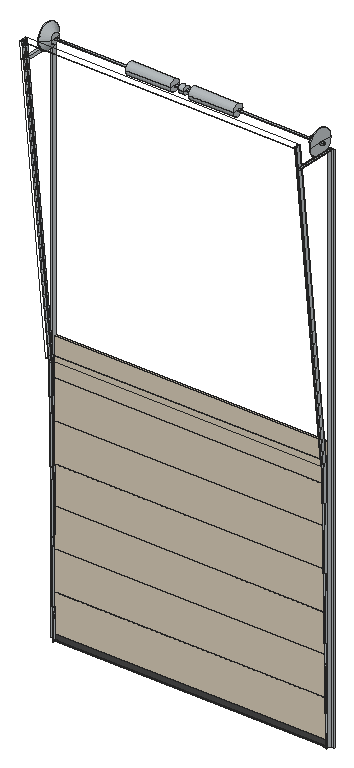
Revit family "Door_Sectional_Clopay_Insulated-VerticalTrack", category Doors, host Wall, Revit 2026
Family settings
  Host = Wall
  Classification Number = 23.30.10.17.37.14
  Always vertical = Yes
  Cut with Voids When Loaded = No
  Shared = No
  Room Calculation Point = No
Parameters (values of type "ByType")
  intDepth [instance] = (Height + 1' 6") * -1  # -13' - 6"
  Wind Load = ""
  Water Penetration = ""
  Track Offset = 0' - 1"
  Track Material [instance] = Metal - Steel - Clopay - Galvanized
  TorsionWidth = Width + 0' 7"  # 12' - 7"
  Torsion Spring Height above Head [instance] = if(Breakaway Track, 0' 6", 1' 6")  # 0' - 6"
  Sound Transmission Class (STC) = 0
  Revision = "R1_09-2011"
  Rad [instance] = Thickness / 2  # 0' - 0 11/16"
  RO Offset = 0' - 0"
  Pass Door = no
  Panel Type_9 [instance] = Door Panel : Standard
  Panel Type_8 [instance] = Door Panel : Standard
  Panel Type_7 [instance] = Door Panel : Standard
  Panel Type_6 [instance] = Door Panel : Standard
  Panel Type_5 [instance] = Door Panel : Standard
  Panel Type_4 [instance] = Door Panel : Standard
  Panel Type_3 [instance] = Door Panel : Standard
  Panel Type_2 [instance] = Door Panel : Standard
  Panel Type_11 [instance] = Door Panel : Standard
  Panel Type_10 [instance] = Door Panel : Standard
  Panel Type_1 [instance] = Door Panel : Standard
  Panel Height = Height / NumPanels  # 1' - 8.57143"
  P9 = NumPanels > 8  # no
  P8 = NumPanels > 7  # no
  P7 = NumPanels > 6  # yes
  P6 = NumPanels > 5  # yes
  P5 = NumPanels > 4  # yes
  P4 = NumPanels > 3  # yes
  P11 = NumPanels > 10  # no
  P10 = NumPanels > 9  # no
  Operator_Jackshaft Right [instance] = no
  Operator_Jackshaft Left [instance] = no
  Opening Width = 12' - 0"
  Opening Height = 12' - 0"
  NumPanels_Standard = if(Height < 6' 3", 3, if(Height < 8' 3", 4, if(Height < 10' 3", 5, if(Height < 12' 3", 6, if(Height < 14' 3", 7, if(Height < 16' 3", 8, if(Height < 18' 3", 9, 10)))))))  # 6
  NumPanels_3211 = if(Height < 4' 6", 2, if(Height < 6' 0", 3, if(Height < 7' 6", 4, if(Height < 9' 0", 5, if(Height < 10' 9", 6, if(Height < 12' 6", 7, if(Height < 14' 3", 8, if(Height < 16' 0", 9, if(Height > 17' 9", 10, 11)))))))))  # 7
  NumPanels = if([3211 Spacing], NumPanels_3211, NumPanels_Standard)  # 7
  Maximum Size = "Consult Clopay Specifications & Shop Drawings"
  Lock Right [instance] = no
  Lock Left [instance] = no
  Jackshaft Offset [instance] = 0' - 5"
  Hardware Finish = Metal - Steel - Clopay - Galvanized
  Function = Interior
  Frame Finish = Metal - Steel - Clopay - Stucco Emboss - Tan
  Double Torsion Shaft [instance] = no
  Door Width = Opening Width + (Track Offset * 2)  # 12' - 2"
  Door Height = Opening Height  # 12' - 0"
  Door Glazing = Glass - Insulated - Clopay - Clear Tempered
  DblWidth = TorsionWidth + 1' 0"  # 13' - 7"
  Building Code Conformance = ""
  Breakaway Track [instance] = yes
  Breakaway Bottom Section = no
  Bottom Astragal Material [instance] = Rubber - Clopay - Black
  Bottom Astragal Height [instance] = 0' - 3 1/2"
  Air Infiltration = ""
  ASTM Conformance = ""
  Panel Width [instance] = Width + (Track Offset * 2)  # 12' - 2"
  Panel Material = Metal - Steel - Clopay - Stucco Emboss - Tan
  Manufacturer Phone = "513-770-4800 "
  Warranty Duration (Years) = 0
  URL = "http://www.clopaydoor.com/"
  Thickness = 0' - 1 3/8"
  Test Data = ""
  Specification = "http://www.arcat.com/sd/clients/clopay.html?coid=31487"
  SpecWizard = "http://www.arcat.com/specwizard/clients/clopay.html?coid=31487"
  Send Message = "http://www.clopaydoor.com/"
  Sales Information = "http://www.clopaydoor.com/contact-us.aspx"
  Rough Width = (Width + (RO Offset * 2))  # 12' - 0"
  Rough Height = (Height + (RO Offset))  # 12' - 0"
  R_Value = 0
  Product Properties = ""
  Product Data = "http://www.arcat.com/arcatcos/cos31/arc31487.html?isac=1&r=1"
  Manufacturer Website = "http://www.arcat.com/users.pl?action=UserEmail&company=Clopay%20Building%20Products%20Company&coid=31487&rep=114&fax=513-770-3519&mf="
  Manufacturer Phone - Toll Free = "800-526-4301 "
  Manufacturer Fax = "513-770-3519"
  Manufacturer Address = "8585 Duke Blvd. Mason, OH 45040-3101"
  Maintenance Schedule (Months) = 0
  Installation-Fabrication = ""
  Installation Phase = ""
  Green Building-LEED = "http://www.arcat.com/green/clients/leed_data_31487.html"
  Model = "As Specified"
  Manufacturer = "Clopay Building Products Company"
  Keynote = "08360"
  Height = Opening Height  # 12' - 0"
  Wall Closure = By host
  Width = Opening Width  # 12' - 0"
  Fire Rating = ""
  Expected Lifespan (Years) = 0
  Drawn By = "Sumex Design, Inc. / Robert S. Weygant, CSI, CDT, SCIP"
  Description = "Clopay Overhead Door as Specified"
  Copyright = "©Arcat Inc."
  Construction Details = "http://www.arcat.com/details/clopay/clopay.html?coid=31487"
  Building Codes = ""
  Assembly Code = "B2030410"
  ADA Compliant = yes
  AAMA Designation = ""
  3211 Spacing = yes
  3" Track [instance] = no
Reference planes (in)
  plane 1 "Center (Front/Back)": y = -34.08725
  plane 2 "Center (Left/Right)": x = 64.28704
  plane 3: z = 0
  plane 4 "Right": x = 136.28704
  plane 5 "Left": x = -7.71296
  plane 6: z = 0
  plane 7 "Top of Frame": z = 144
  plane 8 "RO Top": z = 144
  plane 9 "RO Right": x = 136.28704
  plane 10 "RO Left": x = -7.71296
  plane 11 "Exterior Wall Face": y = -31.08725
  plane 12 "Interior Wall Face": y = -37.08725
  plane 13: x = -8.71296
  plane 14: x = 137.28704
  plane 15: z = 24.07143
  plane 16: z = 44.64286
  plane 17: z = 65.21429
  plane 18: z = 85.78571
  plane 19: z = 106.35714
  plane 20: z = 126.92857
  plane 21: z = 147.5
  plane 22: y = -37.58725
  plane 23: z = 3.5
  plane 24: y = -38.96225
  plane 25: z = 288
  plane 26: z = 168.07143
  plane 27: z = 188.64286
  plane 28: x = 80.28704
  plane 29: x = 48.28704
  plane 30: z = 80
  plane 31: z = 40
  plane 32: z = 209.21429
  plane 33: z = 294
  plane 34: z = 306
  plane 35: x = -12.71296
  plane 36: x = 141.28704
  plane 37: z = 297
Forms (in)
  Extrusion 1, solid, material "Rubber - Clopay - Black" <- "Bottom Astragal Material"
    sketch origin (-8.71296, -26.43241, 48) x (0, 1, 0) y (0, 0, 1)
      loop
        line (-11.15484, -44.5) -> (-12.52984, -44.5) -> (-12.52984, -47.3125)
        arc (-12.52984, -47.3125) -> (-11.84234, -48) -> (-11.15484, -47.3125) r 0.6875
        line (-11.15484, -47.3125) -> (-11.15484, -44.5)
    from 0 to 146
  Extrusion 2, solid, material "Metal - Steel - Clopay - Galvanized" <- "Hardware Finish", visible <- "Lock Left"
    sketch origin (-270, -38.96225, -0.15636) x (0, 0, -1) y (-1, 0, 0)
      loop
        line (-39.15636, -263.35085) -> (-39.15636, -267.35085) -> (-36.15636, -267.35085) -> (-36.15636, -263.35085) -> (-39.15636, -263.35085)
    from 0 to -1.5
  Extrusion 3, solid, material "Metal - Steel - Clopay - Galvanized" <- "Hardware Finish", visible <- "Lock Right"
    sketch origin (398.57407, -38.96225, -0.15636) x (0, 0, -1) y (-1, 0, 0)
      loop
        line (-39.15636, 263.35085) -> (-36.15636, 263.35085) -> (-36.15636, 267.35085) -> (-39.15636, 267.35085) -> (-39.15636, 263.35085)
    from 0 to -1.5
  Extrusion 4, solid
    sketch origin (138.28704, -59.98895, 299.04277) x (0, 0.994163, 0.107886) y (-1, 0, 0)
      loop
        line (3, 0) -> (3, 148) -> (-1, 148) -> (-1, 0) -> (3, 0)
    from 0 to -162 <- "intDepth"
Lines and regions (in)
  Opening 1
    outline origin (-109.33485, -37.08725, 0) x (1, 0, 0) y (0, 0, 1)
      loop
        line (101.62189, 0) -> (245.62189, 0) -> (245.62189, 144) -> (101.62189, 144) -> (101.62189, 0)
  symbolic lines, style "Elevation Swing"
    curve 1: line (48.28704, -38.96225, 80) -> (80.28704, -38.96225, 40)
    curve 2: line (80.28704, -38.96225, 40) -> (48.28704, -38.96225, 0)
Text (in)
  text "Exterior" at (50.54558, 62.1328, 0), in view "A101 - Plan View"
  text "Interior" at (50.54558, -116.72319, 0), in view "A101 - Plan View"
  text "Exterior" at (0, -17.98638, 123.01588), in view "Right"
  text "Interior" at (0, -64.39139, 123.01588), in view "Right"
  text "Interior" at (0, -52.09468, 121.14095), in view "Left"
  text "Exterior" at (0, 26.35325, 123.00693), in view "Left"
Dimensions and locks (in)
  equal spacing: plane 4 "Right", plane 2 "Center (Left/Right)", plane 5 "Left"
  "Width": plane 5 "Left" to plane 4 "Right"
  "Height": level to plane 7 "Top of Frame"
  "RO Offset": plane 5 "Left" to plane 10 "RO Left"
  "RO Offset": plane 9 "RO Right" to plane 4 "Right"
  "RO Offset": plane 8 "RO Top" to plane 7 "Top of Frame"
  "Track Offset": plane 9 "RO Right" to plane 14
  "Track Offset": plane 13 to plane 5 "Left"
  locked: nested 3 to plane 12 "Interior Wall Face" at 6
  "Panel Height": plane 23 to plane 15
  "Panel Height": plane 15 to plane 16
  "Panel Height": plane 16 to plane 17
  "Panel Height": plane 17 to plane 18
  "Panel Height": plane 18 to plane 19
  "Panel Height": plane 19 to plane 20
  "Panel Height": plane 20 to plane 21
  locked: plane 12 "Interior Wall Face" to plane 22 at 0.5
  "Bottom Astragal Height": level to plane 23
  "Thickness": plane 22 to plane 24
  "Rad": Extrusion 1 sketch curve to level
  Extrusion 2 sketch curve to Extrusion 2 sketch curve to level = 0' - 3" locked, 3' - 0" locked
  Extrusion 3 sketch curve to Extrusion 3 sketch curve to level = 0' - 3" locked, 3' - 0" locked
  "Height": plane 25 to plane 8 "RO Top"
  "Torsion Spring Height above Head": plane 33 to plane 25
  "Panel Height": plane 21 to plane 26
  "Panel Height": plane 26 to plane 27
  locked: level to plane 30 at 80
  plane 29 to plane 2 "Center (Left/Right)" to plane 28 = 1' - 4" locked, 1' - 4" locked
  equal spacing: plane 30, plane 31, level
  "Panel Height": plane 32 to plane 27
  locked: plane 34 to plane 33 at 12
  locked: plane 12 "Interior Wall Face" to nested 15 at 6
  Extrusion 4 sketch curve to Extrusion 4 sketch curve = 0' - 4"
  locked: plane 14 to Extrusion 4 sketch curve at 1
  locked: Extrusion 4 sketch curve to plane 13 at 1
  locked: plane 37 to plane 33 at 3
  "Jackshaft Offset": plane 5 "Left" to plane 35
  "Jackshaft Offset": plane 36 to plane 4 "Right"
  "Rad": radius of Extrusion 1 sketch curve
  aligned and locked: host wall to plane 1 "Center (Front/Back)"
  aligned and locked: Opening 1 sketch curve to level
  aligned and locked: plane 9 "RO Right" to Opening 1 sketch curve
  aligned and locked: plane 10 "RO Left" to Opening 1 sketch curve
  aligned and locked: Opening 1 sketch curve to plane 8 "RO Top"
  aligned and locked: host wall to plane 11 "Exterior Wall Face"
  aligned and locked: host wall to plane 12 "Interior Wall Face"
  aligned and locked: nested 1 to plane 13
  aligned and locked: nested 1 to plane 12 "Interior Wall Face"
  aligned and locked: nested 2 to plane 14
  aligned and locked: nested 2 to plane 12 "Interior Wall Face"
  aligned and locked: plane 2 "Center (Left/Right)" to nested 3
  aligned and locked: plane 2 "Center (Left/Right)" to nested 4
  aligned and locked: plane 15 to nested 5
  aligned and locked: plane 16 to nested 6
  aligned and locked: plane 17 to nested 7
  aligned and locked: plane 18 to nested 8
  aligned and locked: plane 19 to nested 9
  aligned and locked: plane 20 to nested 10
  aligned and locked: plane 21 to nested 11
  aligned and locked: plane 22 to nested 4
  aligned and locked: plane 22 to nested 5
  aligned and locked: plane 22 to nested 6
  aligned and locked: plane 22 to nested 7
  aligned and locked: plane 22 to nested 8
  aligned and locked: plane 22 to nested 9
  aligned and locked: plane 22 to nested 10
  aligned and locked: plane 22 to nested 11
  aligned and locked: plane 23 to nested 4
  aligned and locked: plane 14 to Extrusion 1
  aligned and locked: plane 26 to nested 12
  aligned and locked: plane 27 to nested 13
  aligned and locked: nested 12 to plane 22
  aligned and locked: nested 13 to plane 22
  aligned and locked: nested 14 to plane 22
  aligned and locked: plane 2 "Center (Left/Right)" to nested 14
  aligned and locked: plane 32 to nested 14
  aligned and locked: plane 34 to nested 15
  aligned and locked: plane 33 to nested 3
  aligned and locked: plane 37 to nested 17
  aligned and locked: plane 36 to nested 17
  aligned and locked: plane 35 to nested 16
  aligned and locked: plane 37 to nested 16
Automatic sketch dimensions
  Extrusion 1 sketch curve to plane 23 = 0' - 0"
  Extrusion 1 sketch curve to plane 24 = 0' - 0"
  Extrusion 2 sketch curve to plane 5 "Left" = 0' - 5.06381"
  Extrusion 2 sketch curve to plane 5 "Left" = 0' - 1.06381"
  plane 4 "Right" to Extrusion 3 sketch curve = 0' - 1.06381"
  Extrusion 3 sketch curve to Extrusion 3 sketch curve = 0' - 4"
  curve 1 to plane 29 = 0' - 0"
  curve 1 to plane 30 = 0' - 0"
  curve 2 to plane 31 = 0' - 0"
  curve 1 to plane 28 = 0' - 0"
  curve 2 to level = 0' - 0"
  curve 2 to plane 29 = 0' - 0"
  nested 2 to Extrusion 4 sketch curve = 0' - 2 15/16"
Nested families (in)
  nested 1: "Track_SectionalDoor_Clopay_Vertical" at (-8.71296, -47.9957, 0), Opening Height <- "Height", Track Material <- "Track Material", 3" Track <- "3" Track", Breakaway <- "Breakaway Track", type "ByType"
    with sptLegth 1' - 9.43686", VertSlope 1.19349°, Vert Travel 0' - 6 1/4", Vert Overall 0' - 8 5/8", TrackHeight 25' - 0", Track Material Metal - Steel - Clopay - Galvanized, TopLength 13' - 8", Opening Height 12' - 0", Breakaway Angle 5.00°, Breakaway yes, BreakOffset 1' - 4.60353", BaseOffset 0' - 2.83333", 3" Track no
  nested 2: "Track_SectionalDoor_Clopay_Vertical" at (137.28704, -47.9957, 0) x (-1, 0, 0) z (0, 0, 1), Opening Height <- "Height", Track Material <- "Track Material", 3" Track <- "3" Track", Breakaway <- "Breakaway Track", type "ByType"
    with sptLegth 1' - 9.43686", VertSlope 1.19349°, Vert Travel 0' - 6 1/4", Vert Overall 0' - 8 5/8", TrackHeight 25' - 0", Track Material Metal - Steel - Clopay - Galvanized, TopLength 13' - 8", Opening Height 12' - 0", Breakaway Angle 5.00°, Breakaway yes, BreakOffset 1' - 4.60353", BaseOffset 0' - 2.83333", 3" Track no
  nested 3: "TorsionAssembly_Vlift" at (64.28704, -43.08725, 294), Material <- "Track Material", Unit Width <- "TorsionWidth", type "TorsionAssembly_Vlift"
    with offset 0' - 0", Unit Width 12' - 7", Material Metal - Steel - Clopay - Galvanized, End Extension 0' - 0"
  nested 4: "Door Panel" at (64.28704, -38.27475, 3.5), Material - Trim <- "Frame Finish", Material - Panel <- "Panel Material", Glass Type <- "Door Glazing", Unit Width <- "Panel Width", Unit Height <- "Panel Height", Unit Depth <- "Thickness", type <- "Panel Type_1", type "Standard"
    with Vision Panel Num 0, Vision Panel Calc 3, VPSpace 13' - 2", VP Actual 2, Unit Width 12' - 2", Unit Height 1' - 8.57143", Unit Depth 0' - 1 3/8", SingleWindow no, PanelsC 3, PanelsB 3, PanelsA 3, Ofst 1' - 0", MultiWindow no, Material - Trim Metal - Steel - Clopay - Stucco Emboss - Tan, Material - Panel Metal - Steel - Clopay - Stucco Emboss - Tan, Glass Type Glass - Insulated - Clopay - Clear Tempered, Vision C no, Vision Panel Width 2' - 0", Vision Panels no
  nested 5: "Door Panel" at (64.28704, -38.27475, 24.07143), Material - Trim <- "Frame Finish", Material - Panel <- "Panel Material", Glass Type <- "Door Glazing", Unit Width <- "Panel Width", Unit Height <- "Panel Height", Unit Depth <- "Thickness", type <- "Panel Type_2", type "Standard"
    with Vision Panel Num 0, Vision Panel Calc 3, VPSpace 13' - 2", VP Actual 2, Unit Width 12' - 2", Unit Height 1' - 8.57143", Unit Depth 0' - 1 3/8", SingleWindow no, PanelsC 3, PanelsB 3, PanelsA 3, Ofst 1' - 0", MultiWindow no, Material - Trim Metal - Steel - Clopay - Stucco Emboss - Tan, Material - Panel Metal - Steel - Clopay - Stucco Emboss - Tan, Glass Type Glass - Insulated - Clopay - Clear Tempered, Vision C no, Vision Panel Width 2' - 0", Vision Panels no
  nested 6: "Door Panel" at (64.28704, -38.27475, 44.64286), Material - Trim <- "Frame Finish", Material - Panel <- "Panel Material", Glass Type <- "Door Glazing", Unit Width <- "Panel Width", Unit Height <- "Panel Height", Unit Depth <- "Thickness", type <- "Panel Type_3", type "Standard"
    with Vision Panel Num 0, Vision Panel Calc 3, VPSpace 13' - 2", VP Actual 2, Unit Width 12' - 2", Unit Height 1' - 8.57143", Unit Depth 0' - 1 3/8", SingleWindow no, PanelsC 3, PanelsB 3, PanelsA 3, Ofst 1' - 0", MultiWindow no, Material - Trim Metal - Steel - Clopay - Stucco Emboss - Tan, Material - Panel Metal - Steel - Clopay - Stucco Emboss - Tan, Glass Type Glass - Insulated - Clopay - Clear Tempered, Vision C no, Vision Panel Width 2' - 0", Vision Panels no
  nested 7: "Door Panel" at (64.28704, -38.27475, 65.21429), Material - Panel <- "Panel Material", Glass Type <- "Door Glazing", Unit Width <- "Panel Width", Unit Height <- "Panel Height", Unit Depth <- "Thickness", visible <- "P4", type <- "Panel Type_4", Material - Trim <- "Panel Material", type "Standard"
    with Vision Panel Num 0, Vision Panel Calc 3, VPSpace 13' - 2", VP Actual 2, Unit Width 12' - 2", Unit Height 1' - 8.57143", Unit Depth 0' - 1 3/8", SingleWindow no, PanelsC 3, PanelsB 3, PanelsA 3, Ofst 1' - 0", MultiWindow no, Material - Trim Metal - Steel - Clopay - Stucco Emboss - Tan, Material - Panel Metal - Steel - Clopay - Stucco Emboss - Tan, Glass Type Glass - Insulated - Clopay - Clear Tempered, Vision C no, Vision Panel Width 2' - 0", Vision Panels no
  nested 8: "Door Panel" at (64.28704, -38.27475, 85.78571), Material - Trim <- "Frame Finish", Material - Panel <- "Panel Material", Glass Type <- "Door Glazing", Unit Width <- "Panel Width", Unit Height <- "Panel Height", Unit Depth <- "Thickness", visible <- "P5", type <- "Panel Type_5", type "Standard"
    with Vision Panel Num 0, Vision Panel Calc 3, VPSpace 13' - 2", VP Actual 2, Unit Width 12' - 2", Unit Height 1' - 8.57143", Unit Depth 0' - 1 3/8", SingleWindow no, PanelsC 3, PanelsB 3, PanelsA 3, Ofst 1' - 0", MultiWindow no, Material - Trim Metal - Steel - Clopay - Stucco Emboss - Tan, Material - Panel Metal - Steel - Clopay - Stucco Emboss - Tan, Glass Type Glass - Insulated - Clopay - Clear Tempered, Vision C no, Vision Panel Width 2' - 0", Vision Panels no
  nested 9: "Door Panel" at (64.28704, -38.27475, 106.35714), Material - Trim <- "Frame Finish", Material - Panel <- "Panel Material", Glass Type <- "Door Glazing", Unit Width <- "Panel Width", Unit Height <- "Panel Height", Unit Depth <- "Thickness", visible <- "P6", type <- "Panel Type_6", type "Standard"
    with Vision Panel Num 0, Vision Panel Calc 3, VPSpace 13' - 2", VP Actual 2, Unit Width 12' - 2", Unit Height 1' - 8.57143", Unit Depth 0' - 1 3/8", SingleWindow no, PanelsC 3, PanelsB 3, PanelsA 3, Ofst 1' - 0", MultiWindow no, Material - Trim Metal - Steel - Clopay - Stucco Emboss - Tan, Material - Panel Metal - Steel - Clopay - Stucco Emboss - Tan, Glass Type Glass - Insulated - Clopay - Clear Tempered, Vision C no, Vision Panel Width 2' - 0", Vision Panels no
  nested 10: "Door Panel" at (64.28704, -38.27475, 126.92857), Material - Trim <- "Frame Finish", Material - Panel <- "Panel Material", Glass Type <- "Door Glazing", Unit Width <- "Panel Width", Unit Height <- "Panel Height", Unit Depth <- "Thickness", visible <- "P7", type <- "Panel Type_7", type "Standard"
    with Vision Panel Num 0, Vision Panel Calc 3, VPSpace 13' - 2", VP Actual 2, Unit Width 12' - 2", Unit Height 1' - 8.57143", Unit Depth 0' - 1 3/8", SingleWindow no, PanelsC 3, PanelsB 3, PanelsA 3, Ofst 1' - 0", MultiWindow no, Material - Trim Metal - Steel - Clopay - Stucco Emboss - Tan, Material - Panel Metal - Steel - Clopay - Stucco Emboss - Tan, Glass Type Glass - Insulated - Clopay - Clear Tempered, Vision C no, Vision Panel Width 2' - 0", Vision Panels no
  nested 11: "Door Panel" at (64.28704, -38.27475, 147.5), Material - Trim <- "Frame Finish", Material - Panel <- "Panel Material", Glass Type <- "Door Glazing", Unit Width <- "Panel Width", Unit Height <- "Panel Height", Unit Depth <- "Thickness", visible <- "P8", type <- "Panel Type_8", type "Standard"
    with Vision Panel Num 0, Vision Panel Calc 3, VPSpace 13' - 2", VP Actual 2, Unit Width 12' - 2", Unit Height 1' - 8.57143", Unit Depth 0' - 1 3/8", SingleWindow no, PanelsC 3, PanelsB 3, PanelsA 3, Ofst 1' - 0", MultiWindow no, Material - Trim Metal - Steel - Clopay - Stucco Emboss - Tan, Material - Panel Metal - Steel - Clopay - Stucco Emboss - Tan, Glass Type Glass - Insulated - Clopay - Clear Tempered, Vision C no, Vision Panel Width 2' - 0", Vision Panels no
  nested 12: "Door Panel" at (64.28704, -38.27475, 168.07143), Material - Trim <- "Frame Finish", Material - Panel <- "Panel Material", Glass Type <- "Door Glazing", Unit Width <- "Panel Width", Unit Height <- "Panel Height", Unit Depth <- "Thickness", visible <- "P9", type <- "Panel Type_9", type "Standard"
    with Vision Panel Num 0, Vision Panel Calc 3, VPSpace 13' - 2", VP Actual 2, Unit Width 12' - 2", Unit Height 1' - 8.57143", Unit Depth 0' - 1 3/8", SingleWindow no, PanelsC 3, PanelsB 3, PanelsA 3, Ofst 1' - 0", MultiWindow no, Material - Trim Metal - Steel - Clopay - Stucco Emboss - Tan, Material - Panel Metal - Steel - Clopay - Stucco Emboss - Tan, Glass Type Glass - Insulated - Clopay - Clear Tempered, Vision C no, Vision Panel Width 2' - 0", Vision Panels no
  nested 13: "Door Panel" at (64.28704, -38.27475, 188.64286), Material - Trim <- "Frame Finish", Material - Panel <- "Panel Material", Glass Type <- "Door Glazing", Unit Width <- "Panel Width", Unit Height <- "Panel Height", Unit Depth <- "Thickness", visible <- "P10", type <- "Panel Type_10", type "Standard"
    with Vision Panel Num 0, Vision Panel Calc 3, VPSpace 13' - 2", VP Actual 2, Unit Width 12' - 2", Unit Height 1' - 8.57143", Unit Depth 0' - 1 3/8", SingleWindow no, PanelsC 3, PanelsB 3, PanelsA 3, Ofst 1' - 0", MultiWindow no, Material - Trim Metal - Steel - Clopay - Stucco Emboss - Tan, Material - Panel Metal - Steel - Clopay - Stucco Emboss - Tan, Glass Type Glass - Insulated - Clopay - Clear Tempered, Vision C no, Vision Panel Width 2' - 0", Vision Panels no
  nested 14: "Door Panel" at (64.28704, -38.27475, 209.21429), Material - Trim <- "Frame Finish", Material - Panel <- "Panel Material", Glass Type <- "Door Glazing", Unit Width <- "Panel Width", Unit Height <- "Panel Height", Unit Depth <- "Thickness", visible <- "P11", type <- "Panel Type_11", type "Standard"
    with Vision Panel Num 0, Vision Panel Calc 3, VPSpace 13' - 2", VP Actual 2, Unit Width 12' - 2", Unit Height 1' - 8.57143", Unit Depth 0' - 1 3/8", SingleWindow no, PanelsC 3, PanelsB 3, PanelsA 3, Ofst 1' - 0", MultiWindow no, Material - Trim Metal - Steel - Clopay - Stucco Emboss - Tan, Material - Panel Metal - Steel - Clopay - Stucco Emboss - Tan, Glass Type Glass - Insulated - Clopay - Clear Tempered, Vision C no, Vision Panel Width 2' - 0", Vision Panels no
  nested 15: "TorsionAssembly_Vlift" at (64.28704, -43.08725, 306), Material <- "Track Material", Unit Width <- "DblWidth", visible <- "Double Torsion Shaft", type "TorsionAssembly_Vlift"
    with offset 0' - 0", Unit Width 13' - 7", Material Metal - Steel - Clopay - Galvanized, End Extension 0' - 6"
  nested 16: "Opener" at (-18.71296, -37.08725, 285) x (1, 0, 0) z (0, -1, 0), Material <- "Hardware Finish", visible <- "Operator_Jackshaft Left", type "Jackshaft"
    with offset 0' - 0", Material Metal - Steel - Clopay - Galvanized, Unit Width 1' - 0", Unit Depth 1' - 0"
  nested 17: "Opener" at (147.28704, -37.08725, 285) x (1, 0, 0) z (0, -1, 0), Material <- "Hardware Finish", visible <- "Operator_Jackshaft Right", type "Jackshaft"
    with offset 0' - 0", Material Metal - Steel - Clopay - Galvanized, Unit Width 1' - 0", Unit Depth 1' - 0"
Definition of nested family "Track_SectionalDoor_Clopay_Vertical"
  Parameters
    sptLegth [instance] = BaseOffset + BreakOffset + 0' 2"  # 1' - 6.33239"
    Width = 0' - 0"
    Warranty Duration (Years) = 0
    VertSlope [instance] = atan(0.25 / 12)  # 1.19349°
    Vert Travel [instance] = (TrackHeight) * tan(VertSlope)  # 0' - 5 1/4"
    Vert Overall [instance] = Vert Travel + 0' 2 3/8"  # 0' - 7 5/8"
    URL = "http://www.clopaydoor.com/"
    TrackHeight [instance] = TopLength + (Opening Height - 0' 8")  # 21' - 0"
    Track Material [instance] = none
    TopLength [instance] = if(Breakaway Angle = 0.00°, Opening Height + 0' 8" + 0' 1", Opening Height + 0' 8" + 1' 0")  # 11' - 8"
    Thickness = 0' - 0"
    Specification = "http://www.arcat.com/sd/clients/clopay.html?coid=31487"
    SpecWizard = "http://www.arcat.com/specwizard/clients/clopay.html?coid=31487"
    Send Message = "http://www.arcat.com/users.pl?action=UserEmail&company=Clopay%20Building%20Products%20Company&coid=31487&rep=114&fax=513-770-3519&mf="
    Sales Information = "http://www.clopaydoor.com/contact-us.aspx"
    Revision = "R1_09-2011"
    Product Properties = ""
    Product Data = "http://www.arcat.com/arcatcos/cos31/arc31487.html?isac=1&r=1"
    Opening Height [instance] = 10' - 0"
    Model = "As Specified"
    Manufacturer Website = "http://www.clopaydoor.com/"
    Manufacturer Phone - Toll Free = "800-526-4301"
    Manufacturer Phone = "513-770-4800"
    Manufacturer Fax = "513-770-3519"
    Manufacturer Address = "8585 Duke Blvd. Manson, OH 45040-3101"
    Manufacturer = "Clopay Building Products Company"
    Maintenance Schedule (Months) = 0
    Keynote = "08360"
    Installation-Fabrication = ""
    Installation Phase = ""
    Height = 0' - 0"
    Green Building-LEED = "http://www.arcat.com/green/clients/leed_data_31487.html"
    Expected Lifespan (Years) = 0
    Drawn By = "Sumex Design, Inc. / Robert S. Weygant, CSI, CDT, SCIP"
    Description = "Clopay Door as Specified"
    Copyright = "©Arcat Inc."
    Construction Details = "http://www.arcat.com/details/clopay/clopay.html?coid=31487"
    Breakaway Angle [instance] = if(Breakaway, 5.00°, 0.00°)  # 5.00°
    Breakaway [instance] = yes
    BreakOffset [instance] = (TrackHeight - 0' 11" - Opening Height + 0' 8") * tan(VertSlope + Breakaway Angle)  # 1' - 1.99905"
    BaseOffset [instance] = (Opening Height - 0' 8") * tan(VertSlope)  # 0' - 2.33333"
    3" Track [instance] = no
    Assembly Code = "B2030410"
  Reference planes (in)
    plane 1 "Center (Front/Back)": y = 10.90846
    plane 2: z = 0
    plane 3 "Center (Left/Right)": x = 0
    plane 4: z = 0
    plane 5: z = 0
    plane 6: z = 0
    plane 7: z = 0
    plane 8: z = 0
    plane 9: y = 3.28346
    plane 10 "Bracket": x = -1
    plane 11: z = 120
    plane 12: z = 252
    plane 13: y = 8.53346
    plane 14: z = 112
  Forms (in)
    Sweep 1, solid, material <- "Track Material"
      path origin (-1, 4.05509, 48) x (0, 1, 0) y (0, 0, 1)
        loop
          line (4.47835, -47.99915) -> (2.14503, 64) -> (-12.95906, 203.18285)
      profile "P_Track : P_Track" origin (-1, 7.36678, 56.00043) x (0, -0.999783, -0.020829) y (1, 0, 0)
        loop
          line (-2, 1) -> (-2, 0) -> (-0.62484, 0) -> (-0.20263, 0.18798)
          arc (-0.20263, 0.18798) -> (0, 0.5) -> (-0.20263, 0.81202) r 0.34155
          line (-0.20263, 0.81202) -> (-0.48052, 0.93574) -> (-0.50594, 0.87865) -> (-0.22805, 0.75492)
          arc (-0.22805, 0.75492) -> (-0.0625, 0.5) -> (-0.22805, 0.24508) r 0.27905
          line (-0.22805, 0.24508) -> (-0.63812, 0.0625) -> (-1.9375, 0.0625) -> (-1.9375, 1) -> (-2, 1)
    Extrusion 2, solid, material <- "Track Material"
      sketch origin (0, 0, 0) x (1, 0, 0) y (0, 1, 0)
        loop
          line (-1, 10.90846) -> (-3.25, 10.90846) -> (-3.25, 10.78346) -> (-1.125, 10.78346) -> (-1.125, 9.28346) -> (-1, 9.28346) -> (-1, 10.90846)
      from 0 to 241
    Sweep 3, solid, material <- "Track Material"
      path origin (-1, 4.05509, 48) x (0, 1, 0) y (0, 0, 1)
        loop
          line (-11.47902, 193) -> (6.72837, 193)
      profile origin (-1, 1.67976, 241) x (0, 0, 1) y (1, 0, 0)
        loop
          line (0, 0) -> (-1.48699, 0) -> (-1.48699, -0.125) -> (-0.11199, -0.125) -> (-0.11199, -1.5) -> (0, -1.5) -> (0, 0)
  Lines and regions (in)
    reference lines
      curve 1: line (-1, 8.53346, 0) -> (-1, 5.57576, 141.96919)
      curve 2: line (-1, 6.20012, 112) -> (-1, 0.48214, 164.69065)
      curve 3: line (-1, 6.20012, 112) -> (-1, 4.2118, 111.78423)
  Dimensions and locks (in)
    equal spacing: plane 4, plane 5, plane 6, plane 7, plane 8, level
    "Height": plane 4 to level
    locked: plane 10 "Bracket" to plane 3 "Center (Left/Right)" at 1
    "Opening Height": plane 11 to level
    "Vert Overall": plane 1 "Center (Front/Back)" to plane 9
    locked: plane 13 to plane 1 "Center (Front/Back)" at 2.375
    locked: plane 12 to Extrusion 2 at 11
    "TrackHeight": plane 12 to level
    locked: plane 12 to Sweep 3 sketch curve at 11
    locked: plane 11 to plane 14 at 8
    "TopLength": curve 3 to Sweep 1 sketch curve
    "sptLegth": plane 1 "Center (Front/Back)" to Sweep 3 sketch curve
    "VertSlope": angle curve 1 to plane 13
    "Breakaway Angle": angle curve 2 to curve 1
    aligned and locked: curve 1 to Sweep 1 sketch curve
    aligned and locked: Sweep 1 sketch curve to curve 2
  Automatic sketch dimensions
    Extrusion 2 sketch curve to plane 1 "Center (Front/Back)" = 0' - 0"
    Extrusion 2 sketch curve to plane 10 "Bracket" = 0' - 0"
    Extrusion 2 sketch curve to Extrusion 2 sketch curve = 0' - 0 1/8"  (x2)
    Extrusion 2 sketch curve to Extrusion 2 sketch curve = 0' - 2 1/8"
    plane 13 to Extrusion 2 sketch curve = 0' - 0 3/4"
    plane 1 "Center (Front/Back)" to Sweep 3 sketch curve = 0' - 0 1/8"
    Sweep 3 sketch curve to plane 10 "Bracket" = 0' - 0"
    Sweep 3 sketch curve to profile plane = 0' - 0"
    profile plane to Sweep 3 sketch curve = 0' - 0.11199"
    Sweep 3 sketch curve to plane 10 "Bracket" = 0' - 0 1/8"
    Sweep 3 sketch curve to Sweep 3 sketch curve = 0' - 1 3/8"  (x2)
    curve 2 to plane 14 = 0' - 0"
    curve 1 to level = 0' - 0"
    curve 1 to plane 13 = 0' - 0"
    Sweep 1 sketch curve to plane 13 = 0' - 0"
    curve 3 to curve 2 = 0' - 0"  (x2)
    curve 2 to curve 3 = 0' - 2"
Definition of nested family "TorsionAssembly_Vlift"
  Parameters
    offset [instance] = 0' - 0"
    Warranty Duration (Years) = 0
    Vertical Lift = yes
    Unit Width [instance] = 12' - 0"
    Unit Height = 0' - 9 1/2"
    Unit Depth = Unit Height  # 0' - 9 1/2"
    URL = "http://www.clopaydoor.com/"
    Standard = no
    Spring Width = 2' - 0"
    Specification = "http://www.arcat.com/sd/clients/clopay.html?coid=31487"
    SpecWizard = "http://www.arcat.com/specwizard/clients/clopay.html?coid=31487"
    Send Message = "http://www.arcat.com/users.pl?action=UserEmail&company=Clopay%20Building%20Products%20Company&coid=31487&rep=114&fax=513-770-3519&mf="
    Sales Information = "http://www.clopaydoor.com/contact-us.aspx"
    Revision = "R1_09-2011"
    Product Properties = ""
    Product Data = "http://www.arcat.com/arcatcos/cos31/arc31487.html?isac=1&r=1"
    Model = "As Specified"
    Material [instance] = none
    Manufacturer Website = "http://www.clopaydoor.com/"
    Manufacturer Phone - Toll Free = "800-526-4301 "
    Manufacturer Phone = "513-770-4800 "
    Manufacturer Fax = "513-770-3519"
    Manufacturer Address = "8585 Duke Blvd. Mason, OH 45040-3101"
    Manufacturer = "Clopay Building Products Company"
    Maintenance Schedule (Months) = 0
    Keynote = "08360"
    Installation-Fabrication = ""
    Installation Phase = ""
    High Lift = no
    Green Building-LEED = "http://www.arcat.com/green/clients/leed_data_31487.html"
    Expected Lifespan (Years) = 0
    End Extension [instance] = 0' - 0"
    Drawn By = "Sumex Design, Inc. / Robert S. Weygant, CSI, CDT, SCIP"
    Description = "Clopay Door as Specified"
    Copyright = "©Arcat Inc."
    Construction Details = "http://www.arcat.com/details/clopay/clopay.html?coid=31487"
    Assembly Code = "B2030410"
  Reference planes (in)
    plane 1 "Center (Front/Back)": y = 0
    plane 2 "Bottom": z = 0
    plane 3 "Center (Left/Right)": x = 0
    plane 4 "Front": y = -4.75
    plane 5 "Back": y = 4.75
    plane 6 "Left": x = -72
    plane 7 "Right": x = 72
    plane 8 "Top": z = 4.75
    plane 9: z = -4.75
    plane 10: x = -5
    plane 11: x = 5
    plane 12: x = -29
    plane 13: x = 29
    plane 14: x = 66
    plane 15: x = -66
  Forms (in)
    Revolve 1, solid, material <- "Material", visible <- "Vertical Lift"
      sketch origin (0, 0, 0) x (1, 0, 0) y (0, 1, 0)
        loop
          line (72, 0) -> (72, 0.5) -> (70, 0.5) -> (70, 6.75) -> (69.5, 6.75) -> (66.33203, 2.5) -> (66, 2.5) -> (66, 0.5) -> (29, 0.5) -> (29, 3) -> (5, 3) -> (5, 0.5) -> (1.375, 0.5) -> (1.375, 2) -> (-1.375, 2) -> (-1.375, 0.5) -> (-5, 0.5) -> (-5, 3) -> (-29, 3) -> (-29, 0.5) -> (-66, 0.5) -> (-66, 2.5) -> (-66.33203, 2.5) -> (-69.5, 6.75) -> (-70, 6.75) -> (-70, 0.5) -> (-72, 0.5) -> (-72, 0) -> (72, 0)
        axis (-72, 0) -> (72, 0)
      angle from 0 to 360
  Dimensions and locks (in)
    equal spacing: plane 6 "Left", plane 3 "Center (Left/Right)", plane 7 "Right"
    "Unit Width": plane 6 "Left" to plane 7 "Right"
    equal spacing: plane 5 "Back", plane 1 "Center (Front/Back)", plane 4 "Front"
    "Unit Depth": plane 5 "Back" to plane 4 "Front"
    equal spacing: plane 8 "Top", level, plane 9
    "Unit Height": plane 8 "Top" to plane 9
    plane 10 to plane 3 "Center (Left/Right)" to plane 11 = 0' - 5" locked, 0' - 5" locked
    "Spring Width": plane 11 to plane 13
    "Spring Width": plane 12 to plane 10
    "End Extension": Revolve 1 sketch curve to plane 6 "Left"
    "End Extension": plane 7 "Right" to Revolve 1 sketch curve
    locked: plane 6 "Left" to plane 15 at 6
    plane 14 to plane 7 "Right" = 0' - 6"
  Automatic sketch dimensions
    Revolve 1 sketch curve to plane 1 "Center (Front/Back)" = 0' - 0"  (x2)
    Revolve 1 sketch curve to plane 15 = 0' - 0"
    Revolve 1 sketch curve to plane 12 = 0' - 0"
    Revolve 1 sketch curve to plane 10 = 0' - 0"
    Revolve 1 sketch curve to plane 11 = 0' - 0"
    Revolve 1 sketch curve to plane 13 = 0' - 0"
    Revolve 1 sketch curve to plane 14 = 0' - 0"
    Revolve 1 sketch curve to Revolve 1 sketch curve = 0' - 9 3/4"
    Revolve 1 sketch curve to plane 1 "Center (Front/Back)" = 0' - 0 1/2"  (x6)
    Revolve 1 sketch curve to plane 3 "Center (Left/Right)" = 0' - 1 3/8"
    plane 3 "Center (Left/Right)" to Revolve 1 sketch curve = 0' - 1 3/8"
    Revolve 1 sketch curve to Revolve 1 sketch curve = 1' - 0 3/4"
    Revolve 1 sketch curve to Revolve 1 sketch curve = 0' - 1 1/2"
    Revolve 1 sketch curve to plane 5 "Back" = 0' - 1 3/4"  (x2)
    Revolve 1 sketch curve to plane 7 "Right" = 0' - 2"
    Revolve 1 sketch curve to plane 14 = 0' - 0 85/256"
    Revolve 1 sketch curve to Revolve 1 sketch curve = 0' - 0 1/2"  (x2)
    Revolve 1 sketch curve to Revolve 1 sketch curve = 0' - 2"  (x2)
    plane 5 "Back" to Revolve 1 sketch curve = 0' - 2"  (x2)
    plane 6 "Left" to Revolve 1 sketch curve = 0' - 2"
    Revolve 1 sketch curve to Revolve 1 sketch curve = 0' - 0 85/256"
Definition of nested family "Door Panel"
  Parameters
    offset = 0' - 9"
    Warranty Duration (Years) = 0
    Vision Panel Num [instance] = if(Vision Panels, Vision Panel Calc, 0)  # 3
    Vision Panel Calc [instance] = if(Vision A, PanelsA, if(Vision B, PanelsB, PanelsC))  # 3
    Vision C = yes
    Vision B = no
    Vision A = no
    VPSpace [instance] = ((Unit Width - (Vision Panel Num * 2' 0")) / (Vision Panel Num + 1)) + 1' 0"  # 2' - 6"
    Vision Panel Height = if(Vision A, 0' 8", if(Vision B, 1' 0", 1' 2"))  # 1' - 2"
    Vision Panel Width = if(Vision C, 3' 4", 2' 0")  # 3' - 4"
    VP Actual [instance] = if(Vision Panel Num > 1, Vision Panel Num, 2)  # 3
    Unit Width [instance] = 12' - 0"
    Unit Height [instance] = 2' - 0"
    Unit Depth [instance] = 0' - 1 3/8"
    URL = "http://www.clopaydoor.com/"
    Specification = "http://www.arcat.com/sd/clients/clopay.html?coid=31487"
    SpecWizard = "http://www.arcat.com/specwizard/clients/clopay.html?coid=31487"
    SingleWindow [instance] = Vision Panel Num = 1  # no
    Send Message = "http://www.arcat.com/users.pl?action=UserEmail&company=Clopay%20Building%20Products%20Company&coid=31487&rep=114&fax=513-770-3519&mf="
    Sales Information = "http://www.clopaydoor.com/contact-us.aspx"
    Revision = "R1_09-2011"
    Product Properties = ""
    Product Data = "http://www.arcat.com/arcatcos/cos31/arc31487.html?isac=1&r=1"
    PanelsC [instance] = if(Unit Width < 9' 4", 2, if(Unit Width < 11' 2", 1, if(Unit Width < 13' 4", 3, if(Unit Width < 15' 4", 2, if(Unit Width < 16' 4", 4, 0)))))  # 3
    PanelsB [instance] = if(Unit Width < 9' 4", 2, if(Unit Width < 13' 4", 3, if(Unit Width < 16' 4", 4, if(Unit Width < 17' 4", 3, if(Unit Width < 20' 4", 5, if(Unit Width < 21' 0", 4, if(Unit Width < 24' 4", 6, if(Unit Width < 24' 6", 5, if(Unit Width < 26' 4", 7, if(Unit Width < 28' 4", 6, 8))))))))))  # 3
    PanelsA [instance] = if(Unit Width < 9' 4", 2, if(Unit Width < 13' 4", 3, if(Unit Width < 16' 4", 4, if(Unit Width < 17' 2", 3, if(Unit Width < 20' 4", 5, if(Unit Width < 20' 10", 4, if(Unit Width < 24' 4", 6, if(Unit Width < 24' 6", 5, if(Unit Width < 26' 4", 7, if(Unit Width < 28' 2", 6, 8))))))))))  # 3
    Ofst [instance] = Vision Panel Width / 2  # 1' - 8"
    MultiWindow [instance] = Vision Panel Num > 1  # yes
    Model = "As Specified"
    Material - Trim [instance] = none
    Material - Panel [instance] = none
    Manufacturer Website = "http://www.clopaydoor.com/"
    Manufacturer Phone - Toll Free = "800-526-4301 "
    Manufacturer Phone = "513-770-4800 "
    Manufacturer Fax = "513-770-3519"
    Manufacturer Address = "8585 Duke Blvd. Mason, OH 45040-3101"
    Manufacturer = "Clopay Building Products Company"
    Maintenance Schedule (Months) = 0
    Keynote = "08330"
    Installation-Fabrication = ""
    Installation Phase = ""
    HalfHeight = Vision Panel Height / 2  # 0' - 7"
    Green Building-LEED = "http://www.arcat.com/green/clients/leed_data_31487.html"
    Glass Type [instance] = none
    Expected Lifespan (Years) = 0
    Drawn By = "Sumex Design, Inc. / Robert S. Weygant, CSI, CDT, SCIP"
    Vision Panels = yes
    Description = "Clopay Door as Specified"
    Copyright = "©Arcat Inc."
    Construction Details = "http://www.arcat.com/details/clopay/clopay.html?coid=31487"
    Assembly Code = "B2030420"
  Reference planes (in)
    plane 1 "Center (Front/Back)": y = 0
    plane 2 "Bottom": z = 0
    plane 3 "Center (Left/Right)": x = 0
    plane 4 "Front": y = -0.6875
    plane 5 "Back": y = 0.6875
    plane 6 "Left": x = -72
    plane 7 "Right": x = 72
    plane 8 "Top": z = 24
    plane 9: z = 12
    plane 10: x = -42
    plane 11: x = 42
  Forms (in)
    Extrusion 1, solid, material <- "Material - Panel"
      sketch origin (-11.94222, 0.6875, 48) x (-1, 0, 0) y (0, 0, 1)
        loop
          line (60.05778, -24) -> (-83.94222, -24) -> (-83.94222, -48) -> (60.05778, -48) -> (60.05778, -24)
      from 0 to -1.375
    Sweep 2, void
      path origin (0, -1, 25.77106) x (0, 0, 1) y (-1, 0, 0)
        loop
          line (-17.06234, 62) -> (-17.06234, 22)
      profile origin (-42, -1, 8.70872) x (0, 0, 1) y (0, -1, 0)
        loop
          line (-3.70872, -4) -> (10.29128, -4) -> (10.29128, 2.25) -> (-3.70872, 2.25) -> (-3.70872, -4)
    Sweep 3, void
      path origin (84, -1, 25.77106) x (0, 0, 1) y (-1, 0, 0)
        loop
          line (-17.06234, 62) -> (-17.06234, 22)
      profile origin (42, -1, 8.70872) x (0, 0, 1) y (0, -1, 0)
        loop
          line (-3.70872, -4) -> (10.29128, -4) -> (10.29128, 2.25) -> (-3.70872, 2.25) -> (-3.70872, -4)
    Sweep 4, void
      path origin (42, -1, 25.77106) x (0, 0, 1) y (-1, 0, 0)
        loop
          line (-17.06234, 62) -> (-17.06234, 22)
      profile origin (0, -1, 8.70872) x (0, 0, 1) y (0, -1, 0)
        loop
          line (-3.70872, -4) -> (10.29128, -4) -> (10.29128, 2.25) -> (-3.70872, 2.25) -> (-3.70872, -4)
  Cuts and joins
    Sweep 2, Sweep 3, Sweep 4 cuts Extrusion 1
  Dimensions and locks (in)
    equal spacing: plane 6 "Left", plane 3 "Center (Left/Right)", plane 7 "Right"
    "Unit Width": plane 6 "Left" to plane 7 "Right"
    equal spacing: plane 5 "Back", plane 1 "Center (Front/Back)", plane 4 "Front"
    "Unit Depth": plane 5 "Back" to plane 4 "Front"
    "Unit Height": plane 8 "Top" to level
    equal spacing: plane 8 "Top", plane 9, level
    "VPSpace": plane 10 to plane 6 "Left"
    "VPSpace": plane 7 "Right" to plane 11
    equal spacing: group 1, group 5, group 2  (x3)
    equal spacing: group 3, group 6, group 4  (x3)
    "Vision Panel Width": Sweep 2 sketch curve to Sweep 2 sketch curve
    "Vision Panel Width": Sweep 3 sketch curve to Sweep 3 sketch curve
    "Ofst": plane 10 to Sweep 2
    "Ofst": Sweep 3 to plane 11
    "Vision Panel Height": Sweep 2 sketch curve to Sweep 2 sketch curve
    "Vision Panel Height": Sweep 3 sketch curve to Sweep 3 sketch curve
    "HalfHeight": Sweep 2 to plane 9
    "HalfHeight": Sweep 3 to plane 9
    "Vision Panel Width": Sweep 4 sketch curve to Sweep 4 sketch curve
    "Vision Panel Height": Sweep 4 sketch curve to Sweep 4 sketch curve
    aligned and locked: nested 1 to plane 10
    aligned and locked: nested 2 to plane 10
    aligned and locked: plane 11 to nested 3
    aligned and locked: nested 3 to plane 9
    aligned and locked: plane 9 to nested 1
    aligned and locked: plane 9 to nested 2
    aligned and locked: plane 1 "Center (Front/Back)" to nested 2
    aligned and locked: plane 1 "Center (Front/Back)" to nested 1
    aligned and locked: plane 1 "Center (Front/Back)" to nested 3
    aligned and locked: Extrusion 1 to plane 4 "Front"
  Automatic sketch dimensions
    Extrusion 1 sketch curve to plane 8 "Top" = 0' - 0"
    plane 7 "Right" to Extrusion 1 sketch curve = 0' - 0"
    Extrusion 1 sketch curve to plane 6 "Left" = 0' - 0"
    level to Extrusion 1 sketch curve = 0' - 0"
    profile plane to Sweep 3 sketch curve = 0' - 3.70872"
    Sweep 3 sketch curve to profile plane = 0' - 4"
    profile plane to Sweep 3 sketch curve = 0' - 2 1/4"
    profile plane to Sweep 2 sketch curve = 0' - 3.70872"
    Sweep 2 sketch curve to profile plane = 0' - 4"
    profile plane to Sweep 2 sketch curve = 0' - 2 1/4"
    profile plane to Sweep 4 sketch curve = 0' - 3.70872"
    Sweep 4 sketch curve to profile plane = 0' - 4"
    profile plane to Sweep 4 sketch curve = 0' - 2 1/4"
  Nested families (in)
    nested 1: "Vision Panel" at (-42, 0, 12), visible <- "MultiWindow", Material <- "Glass Type", Frame Material <- "Material - Trim", Door Thickness <- "Unit Depth", Unit Height <- "Vision Panel Height", Unit Width <- "Vision Panel Width", type "Vision Panel"
      with offset 0' - 0", Unit Width 3' - 4", Unit Height 1' - 2", Material none, Frame Material none, Door Thickness 0' - 1 3/8"
    nested 2: "Vision Panel" at (-42, 0, 12), visible <- "SingleWindow", Material <- "Glass Type", Frame Material <- "Material - Trim", Unit Height <- "Vision Panel Height", Door Thickness <- "Unit Depth", Unit Width <- "Vision Panel Width", type "Vision Panel"
      with offset 0' - 0", Unit Width 3' - 4", Unit Height 1' - 2", Material none, Frame Material none, Door Thickness 0' - 1 3/8"
    nested 3: "Vision Panel" at (42, 0, 12), visible <- "MultiWindow", Material <- "Glass Type", Frame Material <- "Material - Trim", Door Thickness <- "Unit Depth", Unit Height <- "Vision Panel Height", Unit Width <- "Vision Panel Width", type "Vision Panel"
      with offset 0' - 0", Unit Width 3' - 4", Unit Height 1' - 2", Material none, Frame Material none, Door Thickness 0' - 1 3/8"
    nested 4: "Vision Panel" at (0, 0, 12), visible <- "MultiWindow", Material <- "Glass Type", Frame Material <- "Material - Trim", Door Thickness <- "Unit Depth", Unit Height <- "Vision Panel Height", Unit Width <- "Vision Panel Width", type "Vision Panel"
      with offset 0' - 0", Unit Width 3' - 4", Unit Height 1' - 2", Material none, Frame Material none, Door Thickness 0' - 1 3/8"
  Definition of nested family "Vision Panel"
    Parameters
      offset [instance] = 0' - 0"
      Warranty Duration (Years) = 0
      Unit Width [instance] = 0' - 10"
      Unit Height [instance] = 0' - 1 5/8"
      Unit Depth = 0' - 0 1/8"
      URL = "http://www.clopaydoor.com/"
      Thickness = 0' - 0 1/4"
      Specification = "http://www.arcat.com/sd/clients/clopay.html?coid=31487"
      SpecWizard = "http://www.arcat.com/specwizard/clients/clopay.html?coid=31487"
      Send Message = "http://www.arcat.com/users.pl?action=UserEmail&company=Clopay%20Building%20Products%20Company&coid=31487&rep=114&fax=513-770-3519&mf="
      Sales Information = "http://www.clopaydoor.com/contact-us.aspx"
      Revision = "R1_09-2011"
      Product Properties = ""
      Product Data = "http://www.arcat.com/arcatcos/cos31/arc31487.html?isac=1&r=1"
      Model = "As Specified"
      Material [instance] = none
      Manufacturer Website = "http://www.clopaydoor.com/"
      Manufacturer Phone - Toll Free = "800-526-4301 "
      Manufacturer Phone = "513-770-4800 "
      Manufacturer Fax = "513-770-3519"
      Manufacturer Address = "8585 Duke Blvd. Mason, OH 45040-3101"
      Manufacturer = "Clopay Building Products Company"
      Maintenance Schedule (Months) = 0
      Keynote = "08330"
      Installation-Fabrication = ""
      Installation Phase = ""
      Green Building-LEED = "http://www.arcat.com/green/clients/leed_data_31487.html"
      Frame Material [instance] = none
      Expected Lifespan (Years) = 0
      Drawn By = "Sumex Design, Inc. / Robert S. Weygant, CSI, CDT, SCIP"
      Door Thickness [instance] = 0' - 1 3/4"
      Description = "Clopay Door as Specified"
      Copyright = "©Arcat Inc."
      Construction Details = "http://www.arcat.com/details/clopay/clopay.html?coid=31487"
      Assembly Code = "B2030420"
    Reference planes (in)
      plane 1 "Center (Front/Back)": y = 0
      plane 2 "Bottom": z = 0
      plane 3 "Center (Left/Right)": x = 0
      plane 4 "Left": x = -5
      plane 5 "Right": x = 5
      plane 6 "Top": z = 0.8125
      plane 7: y = 0.125
      plane 8: y = -0.125
      plane 9: z = -0.8125
      plane 10: y = 0.875
      plane 11: y = -0.875
    Forms (in)
      Extrusion 1, solid, material <- "Material"
        sketch origin (-4.79439, 0.125, 48) x (-1, 0, 0) y (0, 0, 1)
          loop
            line (0.08061, -48.6875) -> (0.08061, -47.3125) -> (-9.66939, -47.3125) -> (-9.66939, -48.6875) -> (0.08061, -48.6875)
        from 0 to -0.25
      Sweep 2, solid, material <- "Frame Material"
        path origin (0, 0, 0) x (1, 0, 0) y (0, 0, 1)
          loop
            line (-5, 0.8125) -> (-5, -0.8125) -> (5, -0.8125) -> (5, 0.8125) -> (-5, 0.8125)
        profile origin (0, 0, 0.8125) x (0, 0, 1) y (0, -1, 0)
          loop
            line (-0.125, -1) -> (0.375, -1) -> (0.375, -0.875) -> (0, -0.875) -> (0, 0.875) -> (0.375, 0.875) -> (0.375, 1) -> (-0.125, 1) -> (-0.125, -1)
    Dimensions and locks (in)
      equal spacing: plane 4 "Left", plane 3 "Center (Left/Right)", plane 5 "Right"
      "Unit Width": plane 4 "Left" to plane 5 "Right"
      equal spacing: plane 7, plane 1 "Center (Front/Back)", plane 8
      "Thickness": plane 7 to plane 8
      equal spacing: plane 6 "Top", level, plane 9
      "Unit Height": plane 6 "Top" to plane 9
      equal spacing: plane 10, plane 1 "Center (Front/Back)", plane 11
      "Door Thickness": plane 10 to plane 11
      locked: plane 11 to Sweep 2 sketch curve at 0.125
      locked: Sweep 2 sketch curve to plane 10 at 0.125
      aligned and locked: Extrusion 1 to plane 8
      aligned and locked: Sweep 2 sketch curve to plane 10
      aligned and locked: plane 11 to Sweep 2 sketch curve
    Automatic sketch dimensions
      plane 4 "Left" to Extrusion 1 sketch curve = 0' - 0 1/8"
      plane 9 to Extrusion 1 sketch curve = 0' - 0 1/8"
      Extrusion 1 sketch curve to plane 6 "Top" = 0' - 0 1/8"
      Extrusion 1 sketch curve to plane 5 "Right" = 0' - 0 1/8"
      Sweep 2 sketch curve to plane 4 "Left" = 0' - 0"
      Sweep 2 sketch curve to plane 5 "Right" = 0' - 0"
      Sweep 2 sketch curve to plane 9 = 0' - 0"
      Sweep 2 sketch curve to plane 6 "Top" = 0' - 0"
      Sweep 2 sketch curve to profile plane = 0' - 0"
      profile plane to Sweep 2 sketch curve = 0' - 0 1/8"
      Sweep 2 sketch curve to profile plane = 0' - 0 3/8"  (x2)
Definition of nested family "Opener"
  Parameters
    offset [instance] = 0' - 0"
    Warranty Duration (Years) = 0
    Unit Width = 2' - 0"
    Unit Height = 2' - 0"
    Unit Depth = 0' - 10"
    URL = "http://www.clopaydoor.com/"
    Specification = "http://www.arcat.com/sd/clients/clopay.html?coid=31487"
    SpecWizard = "http://www.arcat.com/specwizard/clients/clopay.html?coid=31487"
    Send Message = "http://www.arcat.com/users.pl?action=UserEmail&company=Clopay%20Building%20Products%20Company&coid=31487&rep=114&fax=513-770-3519&mf="
    Sales Information = "http://www.clopaydoor.com/contact-us.aspx"
    Revision = "R1_09-2011"
    Product Properties = ""
    Product Data = "http://www.arcat.com/arcatcos/cos31/arc31487.html?isac=1&r=1"
    Model = "As Specified"
    Material [instance] = none
    Manufacturer Website = "http://www.clopaydoor.com/"
    Manufacturer Phone - Toll Free = "800-526-4301 "
    Manufacturer Phone = "513-770-4800 "
    Manufacturer Fax = "513-770-3519"
    Manufacturer Address = "8585 Duke Blvd. Mason, OH 45040-3101"
    Manufacturer = "Clopay Building Products Company"
    Maintenance Schedule (Months) = 0
    Keynote = "08360"
    Installation-Fabrication = ""
    Installation Phase = ""
    Green Building-LEED = "http://www.arcat.com/green/clients/leed_data_31487.html"
    Expected Lifespan (Years) = 0
    Drawn By = "Sumex Design, Inc. / Robert S. Weygant, CSI, CDT, SCIP"
    Description = "Clopay Door as Specified"
    Default Elevation = 4' - 0"
    Copyright = "©Arcat Inc."
    Construction Details = "http://www.arcat.com/details/clopay/clopay.html?coid=31487"
    Assembly Code = "B2030410"
  Reference planes (in)
    plane 1 "Center (Front/Back)": y = 0
    plane 2 "Bottom": z = 0
    plane 3 "Center (Left/Right)": x = 0
    plane 4 "Front": y = -12
    plane 5 "Back": y = 12
    plane 6 "Left": x = -12
    plane 7 "Right": x = 12
    plane 8 "Top": z = 10
  Forms (in)
    Extrusion 1, solid, material <- "Material"
      sketch origin (0, 0, 0) x (1, 0, 0) y (0, 1, 0)
        loop
          line (-12, 12) -> (-12, -12) -> (12, -12) -> (12, 12) -> (-12, 12)
      from 0 to 10
  Dimensions and locks (in)
    equal spacing: plane 6 "Left", plane 3 "Center (Left/Right)", plane 7 "Right"
    "Unit Width": plane 6 "Left" to plane 7 "Right"
    equal spacing: plane 5 "Back", plane 1 "Center (Front/Back)", plane 4 "Front"
    "Unit Height": plane 5 "Back" to plane 4 "Front"
    "Unit Depth": plane 8 "Top" to level
    aligned and locked: plane 8 "Top" to Extrusion 1
  Automatic sketch dimensions
    Extrusion 1 sketch curve to plane 4 "Front" = 0' - 0"
    Extrusion 1 sketch curve to plane 6 "Left" = 0' - 0"
    Extrusion 1 sketch curve to plane 7 "Right" = 0' - 0"
    Extrusion 1 sketch curve to plane 5 "Back" = 0' - 0"
